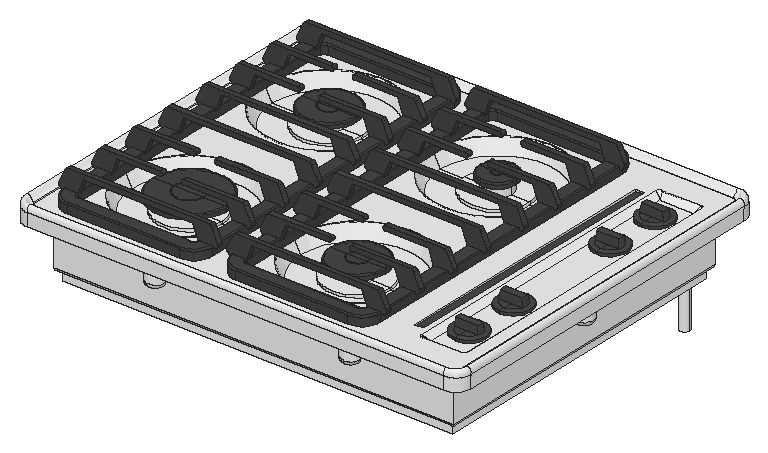
Revit family "QF_Summit_ZTL033S_Cooktop", category Specialty Equipment, Revit 2020
Family settings
  Round Connector Dimension = Use Diameter
  Part Type = Normal
  Work Plane-Based = No
  Always vertical = Yes
  Cut with Voids When Loaded = No
  Shared = No
  Room Calculation Point = No
Parameters
  Weight in Pounds = 27
  Watts = 0 W
  Volts = 115 V
  URL Cutsheet = ""
  Specification by User = ""
  Specification by Manufacturer = ""
  Serial Number = ""
  Seismic Rating = ""
  SMACNA No = ""
  Revision Code = ""
  Plumbing Remarks = ""
  Plumbing Connection Type = ""
  Phase = 1
  Number of Poles = 1
  NAFEM Spec ID Number = ""
  Model = "ZTL033S"
  Min Ckt Ampacity = 0 A
  Max Overcurrent Protection = 0 A
  Masterspec = ""
  Manufacturer = "Summit"
  Length = 24"
  Item Number = ""
  Installed By = ""
  Identify Quantity as Lot = yes
  Height = 4"
  HP = ""
  Gas Size = 0"
  Gas RI Height = 0"
  Gas KW = 0
  Gas Input = 12000.0 Btu/h
  Gas Connection Height = 0"
  Furnished By = ""
  Foodservice Equipment Identifier = yes
  FL Amps = 0 A
  Electrical Remarks = ""
  Elec Conn RI Height = 0"
  Elec Conn Connection Height = 0"
  Description = "Cooktop"
  Depth = 20"
  Default Elevation = 0"
  Cycle = 60 Hz
  Conn Plug = "3 Prong Cord"
  Conn Conduit = yes
  CSI MasterFormat = ""
  Apparent Power = 0 VA
Reference planes (in)
  plane 1 "BACK": y = 0
  plane 2: z = 0
  plane 3 "LEFT": x = 0
  plane 4 "RIGHT": x = 24
  plane 5 "FRONT": y = -20
  plane 6 "TOP": z = 4
  plane 7 "Center Y": x = 12
  plane 8 "Center X": y = -10
  plane 9: z = 3
  plane 10: z = 0.5
  plane 11: z = -2.5
Forms (in)
  Sweep 1, solid, material "QF_Metal_Chrome_Satin"
    path origin (0, 0, 3.99988) x (-1, 0, 0) y (0, -1, 0)
      loop
        line (-0.0625, 0.8125) -> (-0.0625, 19.1875)
        arc (-0.0625, 19.1875) -> (-0.28217, 19.71783) -> (-0.8125, 19.9375) r 0.75
        line (-0.8125, 19.9375) -> (-23.1875, 19.9375)
        arc (-23.1875, 19.9375) -> (-23.71783, 19.71783) -> (-23.9375, 19.1875) r 0.75
        line (-23.9375, 19.1875) -> (-23.9375, 0.8125)
        arc (-23.9375, 0.8125) -> (-23.71783, 0.28217) -> (-23.1875, 0.0625) r 0.75
        line (-23.1875, 0.0625) -> (-0.8125, 0.0625)
        arc (-0.8125, 0.0625) -> (-0.28217, 0.28217) -> (-0.0625, 0.8125) r 0.75
    profile origin (0.0625, -10, 3.99988) x (1, 0, 0) y (0, 0, 1)
      loop
        line (0.50007, -0.99988) -> (0.50007, -0.24988)
        spline (0.50007, -0.24988) -> (0.38683, -0.22526) -> (0.30986, -0.16677) -> (0.25459, -0.09746) -> (0.20654, -0.0403) -> (0.15715, -0.00897) -> (0.1083, -0.00102) -> (0.06291, -0.01235) -> (0.02367, -0.03905) -> (-0.00886, -0.07917) -> (-0.03532, -0.13183) -> (-0.05489, -0.20201) -> (-0.06266, -0.31115)
        line (-0.06266, -0.31115) -> (-0.06266, -0.99988) -> (0.50007, -0.99988)
  Extrusion 2, solid, material "QF_Metal_Chrome_Satin"
    sketch origin (23.1875, -0.5625, 3.49988) x (0, 1, 0) y (1, 0, 0)
      loop
        circle (-4.74127, -17.90956) r 3.49904
      loop
        line (-18.875, 0) -> (-18.875, -22.375)
        arc (-18.875, -22.375) -> (-18.80178, -22.55178) -> (-18.625, -22.625) r 0.25
        line (-18.625, -22.625) -> (-0.25, -22.625)
        arc (-0.25, -22.625) -> (-0.07322, -22.55178) -> (0, -22.375) r 0.25
        line (0, -22.375) -> (0, 0)
        arc (0, 0) -> (-0.07322, 0.17678) -> (-0.25, 0.25) r 0.25
        line (-0.25, 0.25) -> (-18.625, 0.25)
        arc (-18.625, 0.25) -> (-18.80178, 0.17678) -> (-18.875, 0) r 0.25
      loop
        circle (-4.74127, -8.85096) r 3.49904
      loop
        circle (-14.13373, -17.90956) r 3.49904
      loop
        circle (-14.13373, -8.85096) r 3.49904
    from 0.49988 to -0.25012
  Blend 3, void
    base sketch origin (23.18874, -0.56796, 3.79988) x (0, 1, 0) y (-1, 0, 0)
      loop
        arc (-1.25, 2.75) -> (-1.32322, 2.92678) -> (-1.5, 3) r 0.25
        line (-1.5, 3) -> (-17.375, 3)
        arc (-17.375, 3) -> (-17.55178, 2.92678) -> (-17.625, 2.75) r 0.25
        line (-17.625, 2.75) -> (-17.625, 0.5)
        arc (-17.625, 0.5) -> (-17.55178, 0.32322) -> (-17.375, 0.25) r 0.25
        line (-17.375, 0.25) -> (-1.5, 0.25)
        arc (-1.5, 0.25) -> (-1.32322, 0.32322) -> (-1.25, 0.5) r 0.25
        line (-1.25, 0.5) -> (-1.25, 2.75)
    top sketch origin (23.18874, -0.56796, 3.79988) x (0, 1, 0) y (-1, 0, 0)
      loop
        line (-1.71875, 2.53125) -> (-17.15625, 2.53125) -> (-17.15625, 0.71875) -> (-1.71875, 0.71875) -> (-1.71875, 2.53125)
    from 0.0625 to -0.31152
  Extrusion 4, void
    sketch origin (23.18874, -0.56796, 3.79988) x (0, 1, 0) y (-1, 0, 0)
      loop
        arc (-2, 3.5625) -> (-2.01831, 3.60669) -> (-2.0625, 3.625) r 0.0625
        line (-2.0625, 3.625) -> (-16.8125, 3.625)
        arc (-16.8125, 3.625) -> (-16.85669, 3.60669) -> (-16.875, 3.5625) r 0.0625
        line (-16.875, 3.5625) -> (-16.875, 3.1875)
        arc (-16.875, 3.1875) -> (-16.85669, 3.14331) -> (-16.8125, 3.125) r 0.0625
        line (-16.8125, 3.125) -> (-2.0625, 3.125)
        arc (-2.0625, 3.125) -> (-2.01831, 3.14331) -> (-2, 3.1875) r 0.0625
        line (-2, 3.1875) -> (-2, 3.5625)
    from 0.0625 to -0.125
  Revolve 5, solid, material "QF_Plastic_Black_Smooth"
    sketch origin (21.56528, -3, 0.48835) x (0, 1, 0) y (0, 0, 1)
      loop
        line (-0.75736, 3) -> (-0.50736, 3) -> (-0.50736, 3.07947) -> (0.15671, 3.07947) -> (0.15671, 3.2014)
        arc (0.15671, 3.2014) -> (0.03405, 3.23774) -> (-0.09329, 3.25) r 0.66737
        line (-0.09329, 3.25) -> (-0.75736, 3.25) -> (-0.75736, 3)
      axis (-0.75736, 3.25) -> (-0.75736, 3)
    angle from 0 to 360
  Blend 6, solid, material "QF_Plastic_Black_Smooth"
    base sketch origin (0, -3, 4.23835) x (-1, 0, 0) y (0, -1, 0)
      loop
        arc (-20.9318, 0.55812) -> (-20.90121, 0.75736) -> (-20.9318, 0.95659) r 0.66406
        line (-20.9318, 0.95659) -> (-22.19875, 0.95659)
        arc (-22.19875, 0.95659) -> (-22.22934, 0.75736) -> (-22.19875, 0.55812) r 0.66406
        line (-22.19875, 0.55812) -> (-20.9318, 0.55812)
    top sketch origin (0, -3, 4.23835) x (-1, 0, 0) y (0, -1, 0)
      loop
        arc (-20.98589, 0.57514) -> (-20.95791, 0.75736) -> (-20.98589, 0.93958) r 0.60736
        line (-20.98589, 0.93958) -> (-22.14466, 0.93958)
        arc (-22.14466, 0.93958) -> (-22.17264, 0.75736) -> (-22.14466, 0.57514) r 0.60736
        line (-22.14466, 0.57514) -> (-20.98589, 0.57514)
    from -0.5 to -0.05271
  Revolve 7, solid, material "QF_Plastic_Black_Smooth", not visible
    sketch origin (21.56528, -3, 0) x (0, 1, 0) y (0, 0, 1)
      loop
        line (-0.75736, 3) -> (-0.50736, 3) -> (-0.50736, 3.07947) -> (0.15671, 3.07947) -> (0.15671, 3.2014)
        arc (0.15671, 3.2014) -> (0.03405, 3.23774) -> (-0.09329, 3.25) r 0.66737
        line (-0.09329, 3.25) -> (-0.75736, 3.25) -> (-0.75736, 3)
      axis (-0.75736, 3.25) -> (-0.75736, 3)
    angle from 0 to 360
  Blend 8, solid, material "QF_Plastic_Black_Smooth", not visible
    base sketch origin (0, -3, 3.75) x (-1, 0, 0) y (0, -1, 0)
      loop
        arc (-20.9318, 0.55812) -> (-20.90121, 0.75736) -> (-20.9318, 0.95659) r 0.66406
        line (-20.9318, 0.95659) -> (-22.19875, 0.95659)
        arc (-22.19875, 0.95659) -> (-22.22934, 0.75736) -> (-22.19875, 0.55812) r 0.66406
        line (-22.19875, 0.55812) -> (-20.9318, 0.55812)
    top sketch origin (0, -3, 3.75) x (-1, 0, 0) y (0, -1, 0)
      loop
        arc (-20.98589, 0.57514) -> (-20.95791, 0.75736) -> (-20.98589, 0.93958) r 0.60736
        line (-20.98589, 0.93958) -> (-22.14466, 0.93958)
        arc (-22.14466, 0.93958) -> (-22.17264, 0.75736) -> (-22.14466, 0.57514) r 0.60736
        line (-22.14466, 0.57514) -> (-20.98589, 0.57514)
    from -0.5 to -0.05271
  Revolve 9, solid, material "QF_Plastic_Black_Smooth"
    sketch origin (21.56309, -3.00158, 0.48835) x (0, 1, 0) y (0, 0, 1)
      loop
        line (-3.75736, 3) -> (-3.50736, 3) -> (-3.50736, 3.07947) -> (-2.84329, 3.07947) -> (-2.84329, 3.2014)
        arc (-2.84329, 3.2014) -> (-2.96595, 3.23774) -> (-3.09329, 3.25) r 0.66737
        line (-3.09329, 3.25) -> (-3.75736, 3.25) -> (-3.75736, 3)
      axis (-3.75736, 3.25) -> (-3.75736, 3)
    angle from 0 to 360
  Blend 10, solid, material "QF_Plastic_Black_Smooth"
    base sketch origin (-0.00218, -3.00158, 4.23835) x (-1, 0, 0) y (0, -1, 0)
      loop
        arc (-20.9318, 3.55812) -> (-20.90121, 3.75736) -> (-20.9318, 3.95659) r 0.66406
        line (-20.9318, 3.95659) -> (-22.19875, 3.95659)
        arc (-22.19875, 3.95659) -> (-22.22934, 3.75736) -> (-22.19875, 3.55812) r 0.66406
        line (-22.19875, 3.55812) -> (-20.9318, 3.55812)
    top sketch origin (-0.00218, -3.00158, 4.23835) x (-1, 0, 0) y (0, -1, 0)
      loop
        arc (-20.98589, 3.57514) -> (-20.95791, 3.75736) -> (-20.98589, 3.93958) r 0.60736
        line (-20.98589, 3.93958) -> (-22.14466, 3.93958)
        arc (-22.14466, 3.93958) -> (-22.17264, 3.75736) -> (-22.14466, 3.57514) r 0.60736
        line (-22.14466, 3.57514) -> (-20.98589, 3.57514)
    from -0.5 to -0.05271
  Revolve 11, solid, material "QF_Plastic_Black_Smooth"
    sketch origin (21.56309, -6.00158, 0.48835) x (0, 1, 0) y (0, 0, 1)
      loop
        line (-10.24264, 3) -> (-10.24264, 3.25) -> (-10.90671, 3.25)
        arc (-10.90671, 3.25) -> (-11.03405, 3.23774) -> (-11.15671, 3.2014) r 0.66737
        line (-11.15671, 3.2014) -> (-11.15671, 3.07947) -> (-10.49264, 3.07947) -> (-10.49264, 3) -> (-10.24264, 3)
      axis (-10.24264, 3.25) -> (-10.24264, 3)
    angle from 0 to 360
  Blend 12, solid, material "QF_Plastic_Black_Smooth"
    base sketch origin (-0.00218, -6.00158, 4.23835) x (-1, 0, 0) y (0, -1, 0)
      loop
        line (-20.9318, 10.44188) -> (-22.19875, 10.44188)
        arc (-22.19875, 10.44188) -> (-22.22934, 10.24264) -> (-22.19875, 10.04341) r 0.66406
        line (-22.19875, 10.04341) -> (-20.9318, 10.04341)
        arc (-20.9318, 10.04341) -> (-20.90121, 10.24264) -> (-20.9318, 10.44188) r 0.66406
    top sketch origin (-0.00218, -6.00158, 4.23835) x (-1, 0, 0) y (0, -1, 0)
      loop
        line (-20.98589, 10.42486) -> (-22.14466, 10.42486)
        arc (-22.14466, 10.42486) -> (-22.17264, 10.24264) -> (-22.14466, 10.06042) r 0.60736
        line (-22.14466, 10.06042) -> (-20.98589, 10.06042)
        arc (-20.98589, 10.06042) -> (-20.95791, 10.24264) -> (-20.98589, 10.42486) r 0.60736
    from -0.5 to -0.05271
  Revolve 13, solid, material "QF_Plastic_Black_Smooth"
    sketch origin (21.56309, -3.00158, 0.48835) x (0, 1, 0) y (0, 0, 1)
      loop
        line (-10.24264, 3) -> (-10.24264, 3.25) -> (-10.90671, 3.25)
        arc (-10.90671, 3.25) -> (-11.03405, 3.23774) -> (-11.15671, 3.2014) r 0.66737
        line (-11.15671, 3.2014) -> (-11.15671, 3.07947) -> (-10.49264, 3.07947) -> (-10.49264, 3) -> (-10.24264, 3)
      axis (-10.24264, 3.25) -> (-10.24264, 3)
    angle from 0 to 360
  Blend 14, solid, material "QF_Plastic_Black_Smooth"
    base sketch origin (-0.00218, -3.00158, 4.23835) x (-1, 0, 0) y (0, -1, 0)
      loop
        line (-20.9318, 10.44188) -> (-22.19875, 10.44188)
        arc (-22.19875, 10.44188) -> (-22.22934, 10.24264) -> (-22.19875, 10.04341) r 0.66406
        line (-22.19875, 10.04341) -> (-20.9318, 10.04341)
        arc (-20.9318, 10.04341) -> (-20.90121, 10.24264) -> (-20.9318, 10.44188) r 0.66406
    top sketch origin (-0.00218, -3.00158, 4.23835) x (-1, 0, 0) y (0, -1, 0)
      loop
        line (-20.98589, 10.42486) -> (-22.14466, 10.42486)
        arc (-22.14466, 10.42486) -> (-22.17264, 10.24264) -> (-22.14466, 10.06042) r 0.60736
        line (-22.14466, 10.06042) -> (-20.98589, 10.06042)
        arc (-20.98589, 10.06042) -> (-20.95791, 10.24264) -> (-20.98589, 10.42486) r 0.60736
    from -0.5 to -0.05271
  Revolve 15, solid, material "QF_Plastic_Black_Smooth", not visible
    sketch origin (21.56528, -20.00316, 0) x (0, 1, 0) y (0, 0, 1)
      loop
        line (16.2458, 3) -> (16.4958, 3) -> (16.4958, 3.07947) -> (17.15986, 3.07947) -> (17.15986, 3.2014)
        arc (17.15986, 3.2014) -> (17.0372, 3.23774) -> (16.90986, 3.25) r 0.66737
        line (16.90986, 3.25) -> (16.2458, 3.25) -> (16.2458, 3)
      axis (16.2458, 3.25) -> (16.2458, 3)
    angle from 0 to 360
  Blend 16, solid, material "QF_Plastic_Black_Smooth", not visible
    base sketch origin (0, -20.00316, 3.75) x (-1, 0, 0) y (0, -1, 0)
      loop
        arc (-20.9318, -16.44503) -> (-20.90121, -16.2458) -> (-20.9318, -16.04657) r 0.66406
        line (-20.9318, -16.04657) -> (-22.19875, -16.04657)
        arc (-22.19875, -16.04657) -> (-22.22934, -16.2458) -> (-22.19875, -16.44503) r 0.66406
        line (-22.19875, -16.44503) -> (-20.9318, -16.44503)
    top sketch origin (0, -20.00316, 3.75) x (-1, 0, 0) y (0, -1, 0)
      loop
        arc (-20.98589, -16.42802) -> (-20.95791, -16.2458) -> (-20.98589, -16.06358) r 0.60736
        line (-20.98589, -16.06358) -> (-22.14466, -16.06358)
        arc (-22.14466, -16.06358) -> (-22.17264, -16.2458) -> (-22.14466, -16.42802) r 0.60736
        line (-22.14466, -16.42802) -> (-20.98589, -16.42802)
    from -0.5 to -0.05271
  Extrusion 17, solid, material "QF_Metal_Chrome_Satin"
    sketch origin (9.68847, 8.08075, 0) x (-1, 0, 0) y (0, 1, 0)
      loop
        circle (-12, -10) r 0.25
    from -0.5 to 2.5
  Sweep 18, solid, material "QF_Metal_Chrome_Satin"
    path origin (0, 0, 0) x (1, 0, 0) y (0, 1, 0)
      loop
        line (22.75, -1.25) -> (1.25, -1.25) -> (1.25, -18.75) -> (22.75, -18.75) -> (22.75, -1.25)
    profile origin (22.75, -10, 0) x (1, 0, 0) y (0, 0, 1)
      loop
        line (-0.25, 0) -> (-0.25, 0.5) -> (-0.13174, 0.5)
        arc (-0.13174, 0.5) -> (-0.03859, 0.53859) -> (0, 0.63174) r 0.13174
        line (0, 0.63174) -> (0, 3) -> (-0.125, 3) -> (-0.125, 0.625) -> (-0.375, 0.625) -> (-0.375, 0) -> (-0.25, 0)
  Extrusion 19, solid, material "QF_Metal_Chrome_Satin"
    sketch origin (22.375, -1.625, 0.625) x (0, -1, 0) y (1, 0, 0)
      loop
        line (0, -20.75) -> (16.75, -20.75) -> (16.75, 0) -> (0, 0) -> (0, -20.75)
    from 0 to -0.125
  Extrusion 20, solid, material "QF_Metal_Chrome_Satin"
    sketch origin (22.375, -1.625, 0.5) x (1, 0, 0) y (0, -1, 0)
      loop
        circle (-1.43653, 0.29425) r 0.25
    from 0 to 0.0625
  Revolve 21, solid, material "QF_Metal_Black"
    sketch origin (0, -5.30377, 0) x (1, 0, 0) y (0, 0, 1)
      loop
        line (5.27794, 3.69939) -> (5.27794, 3.94939) -> (4.77794, 3.94939) -> (4.77794, 3.88689) -> (4.71544, 3.88689) -> (4.71544, 3.94939) -> (3.84044, 3.94939)
        arc (3.84044, 3.94939) -> (3.79624, 3.93109) -> (3.77794, 3.88689) r 0.0625
        line (3.77794, 3.88689) -> (3.77794, 3.69939) -> (5.27794, 3.69939)
      axis (5.27794, 3.69939) -> (5.27794, 3.94939)
    angle from 0 to 360
  Revolve 22, solid, material "QF_Metal_Black"
    sketch origin (9.0586, -14.69623, 0) x (1, 0, 0) y (0, 0, 1)
      loop
        line (5.27794, 3.69939) -> (5.27794, 3.94939) -> (4.77794, 3.94939) -> (4.77794, 3.88689) -> (4.71544, 3.88689) -> (4.71544, 3.94939) -> (3.84044, 3.94939)
        arc (3.84044, 3.94939) -> (3.79624, 3.93109) -> (3.77794, 3.88689) r 0.0625
        line (3.77794, 3.88689) -> (3.77794, 3.69939) -> (5.27794, 3.69939)
      axis (5.27794, 3.69939) -> (5.27794, 3.94939)
    angle from 0 to 360
  Revolve 23, solid, material "QF_Metal_Black"
    sketch origin (0, -5.30377, 0) x (1, 0, 0) y (0, 0, 1)
      loop
        line (14.33654, 3.94939) -> (14.08654, 3.94939) -> (14.08654, 3.88689) -> (14.02404, 3.88689) -> (14.02404, 3.94939) -> (13.39904, 3.94939)
        arc (13.39904, 3.94939) -> (13.35484, 3.93109) -> (13.33654, 3.88689) r 0.0625
        line (13.33654, 3.88689) -> (13.33654, 3.69939) -> (14.33654, 3.69939) -> (14.33654, 3.94939)
      axis (14.33654, 3.69939) -> (14.33654, 3.94939)
    angle from 0 to 360
  Revolve 24, solid, material "QF_Metal_Black"
    sketch origin (0, -14.69623, 0) x (1, 0, 0) y (0, 0, 1)
      loop
        line (5.27794, 3.69939) -> (5.27794, 3.94939) -> (4.52794, 3.94939) -> (4.52794, 3.88689) -> (4.46544, 3.88689) -> (4.46544, 3.94939) -> (3.34044, 3.94939)
        arc (3.34044, 3.94939) -> (3.29624, 3.93109) -> (3.27794, 3.88689) r 0.0625
        line (3.27794, 3.88689) -> (3.27794, 3.69939) -> (5.27794, 3.69939)
      axis (5.27794, 3.69939) -> (5.27794, 3.94939)
    angle from 0 to 360
  Revolve 25, solid, material "QF_Metal_Chrome_Satin"
    sketch origin (0, -10, 0) x (1, 0, 0) y (0, 0, 1)
      loop
        line (1.25, 3) -> (0.75, 3) -> (0.75, 2)
        arc (0.75, 2) -> (0.8255, 1.83445) -> (1, 1.7829) r 0.21926
        line (1, 1.7829) -> (1.25, 1.7829) -> (1.25, 3)
      axis (1.25, 1.7829) -> (1.25, 3)
    angle from -90 to 90
  Revolve 26, solid, material "QF_Metal_Chrome_Satin"
    sketch origin (24, -10, 0) x (-1, 0, 0) y (0, 0, -1)
      loop
        line (1.25, -3) -> (1.25, -1.7829) -> (1, -1.7829)
        arc (1, -1.7829) -> (0.8255, -1.83445) -> (0.75, -2) r 0.21926
        line (0.75, -2) -> (0.75, -3) -> (1.25, -3)
      axis (1.25, -1.7829) -> (1.25, -3)
    angle from -90 to 90
  Revolve 27, solid, material "QF_Metal_Chrome_Satin"
    sketch origin (18.44698, -1.25, 0) x (-1, 0, 0) y (0, 0, -1)
      loop
        line (1.25, -3) -> (1.25, -1.7829) -> (1, -1.7829)
        arc (1, -1.7829) -> (0.8255, -1.83445) -> (0.75, -2) r 0.21926
        line (0.75, -2) -> (0.75, -3) -> (1.25, -3)
      axis (1.25, -1.7829) -> (1.25, -3)
    angle from 0 to 180
  Revolve 28, solid, material "QF_Metal_Chrome_Satin"
    sketch origin (7.94698, -1.25, 0) x (-1, 0, 0) y (0, 0, -1)
      loop
        line (1.25, -3) -> (1.25, -1.7829) -> (1, -1.7829)
        arc (1, -1.7829) -> (0.8255, -1.83445) -> (0.75, -2) r 0.21926
        line (0.75, -2) -> (0.75, -3) -> (1.25, -3)
      axis (1.25, -1.7829) -> (1.25, -3)
    angle from 0 to 180
  Revolve 29, solid, material "QF_Metal_Chrome_Satin"
    sketch origin (18.44698, -18.75, 0) x (-1, 0, 0) y (0, 0, 1)
      loop
        line (1.25, 3) -> (0.75, 3) -> (0.75, 2)
        arc (0.75, 2) -> (0.8255, 1.83445) -> (1, 1.7829) r 0.21926
        line (1, 1.7829) -> (1.25, 1.7829) -> (1.25, 3)
      axis (1.25, 1.7829) -> (1.25, 3)
    angle from 0 to 180
  Revolve 30, solid, material "QF_Metal_Chrome_Satin"
    sketch origin (7.94698, -18.75, 0) x (-1, 0, 0) y (0, 0, 1)
      loop
        line (1.25, 3) -> (0.75, 3) -> (0.75, 2)
        arc (0.75, 2) -> (0.8255, 1.83445) -> (1, 1.7829) r 0.21926
        line (1, 1.7829) -> (1.25, 1.7829) -> (1.25, 3)
      axis (1.25, 1.7829) -> (1.25, 3)
    angle from 0 to 180
Cuts and joins
  Blend 3, Extrusion 4 cuts Extrusion 2
Lines and regions (in)
  symbolic lines
    curve 1: arc (21.56528, -2.84329, 4.23835) -> (20.65121, -3.75736, 4.23835) -> (21.56528, -4.67142, 4.23835) r 0.91406
    curve 2: arc (21.56528, -4.67142, 4.23835) -> (22.47934, -3.75736, 4.23835) -> (21.56528, -2.84329, 4.23835) r 0.91406
    curve 3: line (20.9318, -3.55812, 4.23835) -> (22.19875, -3.55812, 4.23835)
    curve 4: line (22.19875, -3.95659, 4.23835) -> (20.9318, -3.95659, 4.23835)
    curve 5: arc (20.9318, -3.55812, 4.23835) -> (20.90121, -3.75736, 4.23835) -> (20.9318, -3.95659, 4.23835) r 0.66406
    curve 6: arc (22.19875, -3.95659, 4.23835) -> (22.22934, -3.75736, 4.23835) -> (22.19875, -3.55812, 4.23835) r 0.66406
    curve 13: arc (21.56309, -5.84487, 4.23835) -> (20.64903, -6.75893, 4.23835) -> (21.56309, -7.673, 4.23835) r 0.91406
    curve 14: arc (21.56309, -7.673, 4.23835) -> (22.47716, -6.75893, 4.23835) -> (21.56309, -5.84487, 4.23835) r 0.91406
    curve 15: line (20.92962, -6.5597, 4.23835) -> (22.19657, -6.5597, 4.23835)
    curve 16: line (22.19657, -6.95817, 4.23835) -> (20.92962, -6.95817, 4.23835)
    curve 17: arc (20.92962, -6.5597, 4.23835) -> (20.89903, -6.75893, 4.23835) -> (20.92962, -6.95817, 4.23835) r 0.66406
    curve 18: arc (22.19657, -6.95817, 4.23835) -> (22.22716, -6.75893, 4.23835) -> (22.19657, -6.5597, 4.23835) r 0.66406
    curve 19: arc (21.56309, -17.15828, 4.23835) -> (20.64903, -16.24422, 4.23835) -> (21.56309, -15.33016, 4.23835) r 0.91406
    curve 20: arc (21.56309, -15.33016, 4.23835) -> (22.47716, -16.24422, 4.23835) -> (21.56309, -17.15828, 4.23835) r 0.91406
    curve 21: line (20.92962, -16.44345, 4.23835) -> (22.19657, -16.44345, 4.23835)
    curve 22: line (22.19657, -16.04499, 4.23835) -> (20.92962, -16.04499, 4.23835)
    curve 23: arc (20.92962, -16.44345, 4.23835) -> (20.89903, -16.24422, 4.23835) -> (20.92962, -16.04499, 4.23835) r 0.66406
    curve 24: arc (22.19657, -16.04499, 4.23835) -> (22.22716, -16.24422, 4.23835) -> (22.19657, -16.44345, 4.23835) r 0.66406
    curve 25: arc (21.56309, -14.15828, 4.23835) -> (20.64903, -13.24422, 4.23835) -> (21.56309, -12.33016, 4.23835) r 0.91406
    curve 26: arc (21.56309, -12.33016, 4.23835) -> (22.47716, -13.24422, 4.23835) -> (21.56309, -14.15828, 4.23835) r 0.91406
    curve 27: line (20.92962, -13.44345, 4.23835) -> (22.19657, -13.44345, 4.23835)
    curve 28: line (22.19657, -13.04499, 4.23835) -> (20.92962, -13.04499, 4.23835)
    curve 29: arc (20.92962, -13.44345, 4.23835) -> (20.89903, -13.24422, 4.23835) -> (20.92962, -13.04499, 4.23835) r 0.66406
    curve 30: arc (22.19657, -13.04499, 4.23835) -> (22.22716, -13.24422, 4.23835) -> (22.19657, -13.44345, 4.23835) r 0.66406
    curve 37: line (0.5625, -0.8125, 0) -> (0.5625, -19.1875, 0)
    curve 38: line (23.1875, -0.5625, 0) -> (0.8125, -0.5625, 0)
    curve 39: arc (0.5625, -0.8125, 0) -> (0.63572, -0.63572, 0) -> (0.8125, -0.5625, 0) r 0.25
    curve 40: arc (23.1875, -0.5625, 0) -> (23.36428, -0.63572, 0) -> (23.4375, -0.8125, 0) r 0.25
    curve 41: line (23.4375, -19.1875, 0) -> (23.4375, -0.8125, 0)
    curve 42: line (22.46999, -2.28671, 0) -> (20.65749, -2.28671, 0)
    curve 43: line (20.65749, -2.28671, 0) -> (20.65749, -17.72421, 0)
    curve 44: line (20.65749, -17.72421, 0) -> (22.46999, -17.72421, 0)
    curve 45: line (22.46999, -17.72421, 0) -> (22.46999, -2.28671, 0)
    curve 46: line (20.50446, -1.9588, 0) -> (22.62302, -1.9588, 0)
    curve 47: arc (22.62302, -1.9588, 0) -> (22.74668, -2.01002, 0) -> (22.7979, -2.13368, 0) r 0.17489
    curve 48: line (22.7979, -2.13368, 0) -> (22.7979, -17.87723, 0)
    curve 49: arc (22.7979, -17.87723, 0) -> (22.74668, -18.0009, 0) -> (22.62302, -18.05212, 0) r 0.17489
    curve 50: line (22.62302, -18.05212, 0) -> (20.50446, -18.05212, 0)
    curve 51: arc (20.50446, -18.05212, 0) -> (20.3808, -18.0009, 0) -> (20.32958, -17.87723, 0) r 0.17489
    curve 52: line (20.32958, -17.87723, 0) -> (20.32958, -2.13368, 0)
    curve 53: arc (20.32958, -2.13368, 0) -> (20.3808, -2.01002, 0) -> (20.50446, -1.9588, 0) r 0.17489
    curve 54: line (19.56374, -17.38046, 0) -> (19.56374, -2.63046, 0)
    curve 55: arc (19.56374, -2.63046, 0) -> (19.58205, -2.58626, 0) -> (19.62624, -2.56796, 0) r 0.0625
    curve 56: line (19.62624, -2.56796, 0) -> (20.00124, -2.56796, 0)
    curve 57: arc (20.00124, -2.56796, 0) -> (20.04543, -2.58626, 0) -> (20.06374, -2.63046, 0) r 0.0625
    curve 58: line (20.06374, -2.63046, 0) -> (20.06374, -17.38046, 0)
    curve 59: arc (20.06374, -17.38046, 0) -> (20.04543, -17.42465, 0) -> (20.00124, -17.44296, 0) r 0.0625
    curve 60: line (20.00124, -17.44296, 0) -> (19.62624, -17.44296, 0)
    curve 61: arc (19.62624, -17.44296, 0) -> (19.58205, -17.42465, 0) -> (19.56374, -17.38046, 0) r 0.0625
    curve 62: line (0.8125, -19.4375, 0) -> (23.1875, -19.4375, 0)
    curve 63: arc (23.4375, -19.1875, 0) -> (23.36428, -19.36428, 0) -> (23.1875, -19.4375, 0) r 0.25
    curve 64: arc (0.8125, -19.4375, 0) -> (0.63572, -19.36428, 0) -> (0.5625, -19.1875, 0) r 0.25
    curve 65: line (-0.00016, -19.1875, 0) -> (-0.00016, -0.8125, 0)
    curve 66: arc (-0.00016, -0.8125, 0) -> (0.23786, -0.23786, 0) -> (0.8125, 0.00016, 0) r 0.81266
    curve 67: line (0.8125, 0.00016, 0) -> (23.1875, 0.00016, 0)
    curve 68: arc (23.1875, 0.00016, 0) -> (23.76214, -0.23786, 0) -> (24.00016, -0.8125, 0) r 0.81266
    curve 69: line (24.00016, -0.8125, 0) -> (24.00016, -19.1875, 0)
    curve 70: arc (24.00016, -19.1875, 0) -> (23.76214, -19.76214, 0) -> (23.1875, -20.00016, 0) r 0.81266
    curve 71: line (23.1875, -20.00016, 0) -> (0.8125, -20.00016, 0)
    curve 72: arc (0.8125, -20.00016, 0) -> (0.23786, -19.76214, 0) -> (-0.00016, -19.1875, 0) r 0.81266
    curve 73: arc (6.77794, -5.30377, 0) -> (6.66138, -5.8835, 0) -> (6.32982, -6.37314, 0) r 1.5
    curve 74: arc (3.77794, -5.30377, 0) -> (3.86331, -4.80495, 0) -> (4.1097, -4.3629, 0) r 1.5
    curve 75: arc (4.77794, -5.30377, 0) -> (5.27794, -4.80377, 0) -> (5.77794, -5.30377, 0) r 0.5
    curve 76: arc (5.77794, -5.30377, 0) -> (5.27794, -5.80377, 0) -> (4.77794, -5.30377, 0) r 0.5
    curve 77: arc (12.5875, -5.30377, 0) -> (12.65602, -4.81901, 0) -> (12.8562, -4.37224, 0) r 1.74904
    curve 78: arc (16.08557, -5.30377, 0) -> (15.99446, -5.86093, 0) -> (15.7306, -6.36005, 0) r 1.74904
    curve 79: arc (15.33654, -5.30377, 0) -> (14.33654, -6.30377, 0) -> (13.33654, -5.30377, 0) r 1
    curve 80: arc (13.33654, -5.30377, 0) -> (14.33654, -4.30377, 0) -> (15.33654, -5.30377, 0) r 1
    curve 81: arc (14.08654, -5.30377, 0) -> (14.33654, -5.05377, 0) -> (14.58654, -5.30377, 0) r 0.25
    curve 82: arc (14.58654, -5.30377, 0) -> (14.33654, -5.55377, 0) -> (14.08654, -5.30377, 0) r 0.25
    curve 83: arc (3.27794, -14.69623, 0) -> (3.35793, -14.13624, 0) -> (3.59152, -13.62105, 0) r 2
    curve 84: arc (7.27794, -14.69623, 0) -> (7.2165, -15.18811, 0) -> (7.03599, -15.64978, 0) r 2
    curve 85: arc (6.02794, -14.69623, 0) -> (5.27794, -15.44623, 0) -> (4.52794, -14.69623, 0) r 0.75
    curve 86: arc (4.52794, -14.69623, 0) -> (5.27794, -13.94623, 0) -> (6.02794, -14.69623, 0) r 0.75
    curve 87: arc (15.83654, -14.69623, 0) -> (15.75536, -15.183, 0) -> (15.5206, -15.61709, 0) r 1.5
    curve 88: arc (12.83654, -14.69623, 0) -> (12.95142, -14.12051, 0) -> (13.27847, -13.63298, 0) r 1.5
    curve 89: arc (13.83654, -14.69623, 0) -> (14.33654, -14.19623, 0) -> (14.83654, -14.69623, 0) r 0.5
    curve 90: arc (14.83654, -14.69623, 0) -> (14.33654, -15.19623, 0) -> (13.83654, -14.69623, 0) r 0.5
    curve 91: arc (6.44829, -4.36554, 0) -> (6.69313, -4.80654, 0) -> (6.77794, -5.30377, 0) r 1.5
    curve 92: arc (6.00005, -6.61851, 0) -> (5.30676, -6.80349, 0) -> (4.60688, -6.64529, 0) r 1.5
    curve 93: arc (4.34823, -4.12663, 0) -> (5.27744, -3.80377, 0) -> (6.20686, -4.12602, 0) r 1.5
    curve 94: arc (4.24744, -6.39376, 0) -> (3.9003, -5.89717, 0) -> (3.77794, -5.30377, 0) r 1.5
    curve 95: arc (13.05236, -4.11632, 0) -> (14.34458, -3.55475, 0) -> (15.63158, -4.12819, 0) r 1.74904
    curve 96: arc (15.82032, -4.37775, 0) -> (16.01795, -4.82214, 0) -> (16.08557, -5.30377, 0) r 1.74904
    curve 97: arc (15.48489, -6.62302, 0) -> (14.35976, -7.05265, 0) -> (13.22361, -6.65304, 0) r 1.74904
    curve 98: arc (12.96297, -6.38656, 0) -> (12.68403, -5.87679, 0) -> (12.5875, -5.30377, 0) r 1.74904
    curve 99: arc (15.38444, -13.62296, 0) -> (15.7189, -14.11393, 0) -> (15.83654, -14.69623, 0) r 1.5
    curve 100: arc (15.26831, -15.87172, 0) -> (14.34457, -16.1962, 0) -> (13.41741, -15.88164, 0) r 1.5
    curve 101: arc (13.17061, -15.63995, 0) -> (12.92252, -15.19678, 0) -> (12.83654, -14.69623, 0) r 1.5
    curve 102: arc (6.98346, -13.65162, 0) -> (7.20291, -14.15357, 0) -> (7.27794, -14.69623, 0) r 2
    curve 103: arc (6.89066, -15.87906, 0) -> (5.26987, -16.69621, 0) -> (3.65572, -15.86601, 0) r 2
    curve 104: arc (3.49635, -15.60505, 0) -> (3.33331, -15.16358, 0) -> (3.27794, -14.69623, 0) r 2
    curve 105: arc (3.80563, -13.3426, 0) -> (5.31089, -12.6965, 0) -> (6.79404, -13.39184, 0) r 2
    curve 106: arc (5.27794, -11.19719, 0) -> (3.34087, -11.78229, 0) -> (2.05163, -13.34191, 0) r 3.49904
    curve 107: arc (5.27794, -18.19526, 0) -> (5.59399, -18.18096, 0) -> (5.90746, -18.13817, 0) r 3.49904
    curve 108: arc (2.17718, -14.69623, 0) -> (2.22514, -14.15294, 0) -> (2.36756, -13.62646, 0) r 3.10076
    curve 109: arc (8.37869, -14.69623, 0) -> (8.34399, -15.15887, 0) -> (8.24064, -15.61115, 0) r 3.10076
    curve 110: arc (11.23578, -14.69623, 0) -> (11.28396, -14.15172, 0) -> (11.42702, -13.62413, 0) r 3.10076
    curve 111: arc (17.43729, -14.69623, 0) -> (17.40204, -15.16245, 0) -> (17.29709, -15.61807, 0) r 3.10076
    curve 112: arc (16.08557, -14.69623, 0) -> (16.01649, -15.18295, 0) -> (15.81469, -15.63122, 0) r 1.74904
    curve 113: arc (12.5875, -14.69623, 0) -> (12.68122, -14.13137, 0) -> (12.95235, -13.62704, 0) r 1.74904
    curve 114: arc (14.33654, -1.80473, 0) -> (14.03211, -1.818, 0) -> (13.73, -1.8577, 0) r 3.49904
    curve 115: arc (17.43729, -5.30377, 0) -> (17.38888, -5.8496, 0) -> (17.24513, -6.37838, 0) r 3.10076
    curve 116: arc (11.23578, -5.30377, 0) -> (11.27196, -4.83145, 0) -> (11.37967, -4.37015, 0) r 3.10076
    curve 117: arc (2.17718, -5.30377, 0) -> (2.21285, -4.83475, 0) -> (2.31907, -4.37652, 0) r 3.10076
    curve 118: arc (5.27794, -1.80473, 0) -> (4.93803, -1.82128, 0) -> (4.60134, -1.87077, 0) r 3.49904
    curve 119: arc (8.37869, -5.30377, 0) -> (8.32757, -5.86451, 0) -> (8.17588, -6.40676, 0) r 3.10076
    curve 120: arc (3.5289, -5.30377, 0) -> (3.59902, -4.8135, 0) -> (3.80375, -4.36254, 0) r 1.74904
    curve 121: arc (7.02697, -5.30377, 0) -> (6.93488, -5.86382, 0) -> (6.66831, -6.3649, 0) r 1.74904
    curve 122: arc (3.82427, -2.12098, 0) -> (2.70604, -2.9313, 0) -> (1.98841, -4.11116, 0) r 3.49904
    curve 123: arc (5.93047, -1.86612, 0) -> (5.60564, -1.82011, 0) -> (5.27794, -1.80473, 0) r 3.49904
    curve 124: arc (8.57049, -4.11957, 0) -> (7.86529, -2.94817, 0) -> (6.76501, -2.13646, 0) r 3.49904
    curve 125: arc (8.24134, -4.39111, 0) -> (8.34416, -4.8423, 0) -> (8.37869, -5.30377, 0) r 3.10076
    curve 126: arc (8.08523, -6.62052, 0) -> (5.27638, -8.40453, 0) -> (2.46932, -6.61769, 0) r 3.10076
    curve 127: arc (3.99761, -4.11217, 0) -> (5.2798, -3.55473, 0) -> (6.5608, -4.11491, 0) r 1.74904
    curve 128: arc (6.75932, -4.37391, 0) -> (6.95873, -4.81996, 0) -> (7.02697, -5.30377, 0) r 1.74904
    curve 129: arc (6.4133, -6.63421, 0) -> (5.29556, -7.05272, 0) -> (4.16961, -6.65682, 0) r 1.74904
    curve 130: arc (3.90112, -6.38243, 0) -> (3.62457, -5.87431, 0) -> (3.5289, -5.30377, 0) r 1.74904
    curve 131: arc (2.41441, -4.11426, 0) -> (5.28437, -2.20302, 0) -> (8.14637, -4.12615, 0) r 3.10076
    curve 132: arc (2.04204, -6.63503, 0) -> (2.90751, -7.87755, 0) -> (4.2169, -8.63806, 0) r 3.49904
    curve 133: arc (2.36155, -6.35706, 0) -> (2.22362, -5.83842, 0) -> (2.17718, -5.30377, 0) r 3.10076
    curve 134: arc (6.38919, -8.62166, 0) -> (7.6707, -7.8568, 0) -> (8.51692, -6.6275, 0) r 3.49904
    curve 135: arc (12.8899, -2.11778, 0) -> (11.75922, -2.93719, 0) -> (11.039, -4.13351, 0) r 3.49904
    curve 136: arc (14.98594, -1.86552, 0) -> (14.66266, -1.81996, 0) -> (14.33654, -1.80473, 0) r 3.49904
    curve 137: arc (17.62501, -4.10828, 0) -> (16.91317, -2.93644, 0) -> (15.80569, -2.12811, 0) r 3.49904
    curve 138: arc (17.29676, -4.38084, 0) -> (17.40196, -4.83698, 0) -> (17.43729, -5.30377, 0) r 3.10076
    curve 139: arc (11.47827, -4.10167, 0) -> (14.33572, -2.20301, 0) -> (17.19416, -4.10017, 0) r 3.10076
    curve 140: arc (11.10241, -6.63931, 0) -> (11.98253, -7.89257, 0) -> (13.31357, -8.64993, 0) r 3.49904
    curve 141: arc (17.14459, -6.61889, 0) -> (14.33712, -8.40453, 0) -> (11.52898, -6.61994, 0) r 3.10076
    curve 142: arc (11.42549, -6.37173, 0) -> (11.28358, -5.84611, 0) -> (11.23578, -5.30377, 0) r 3.10076
    curve 143: arc (15.4321, -8.62687, 0) -> (16.71229, -7.87263, 0) -> (17.56407, -6.65516, 0) r 3.49904
    curve 144: arc (13.23102, -11.37642, 0) -> (11.96228, -12.12598, 0) -> (11.11465, -13.33142, 0) r 3.49904
    curve 145: arc (17.56274, -13.34166, 0) -> (16.74465, -12.15767, 0) -> (15.51919, -11.40311, 0) r 3.49904
    curve 146: arc (17.24339, -13.61692, 0) -> (17.38843, -14.14793, 0) -> (17.43729, -14.69623, 0) r 3.10076
    curve 147: arc (17.19739, -15.89215, 0) -> (14.33204, -17.79698, 0) -> (11.47223, -15.88384, 0) r 3.10076
    curve 148: arc (11.38, -15.63089, 0) -> (11.27205, -15.16909, 0) -> (11.23578, -14.69623, 0) r 3.10076
    curve 149: arc (11.55318, -13.32962, 0) -> (14.35624, -11.59553, 0) -> (17.13704, -13.36511, 0) r 3.10076
    curve 150: arc (11.03871, -15.86566, 0) -> (11.76376, -17.06774, 0) -> (12.90292, -17.88809, 0) r 3.49904
    curve 151: arc (15.8035, -17.8729, 0) -> (16.8872, -17.09151, 0) -> (17.59903, -15.96089, 0) r 3.49904
    curve 152: arc (6.78733, -17.85297, 0) -> (7.85065, -17.06781, 0) -> (8.54684, -15.94423, 0) r 3.49904
    curve 153: arc (4.69103, -18.14569, 0) -> (4.98344, -18.18285, 0) -> (5.27794, -18.19526, 0) r 3.49904
    curve 154: arc (8.13822, -15.8935, 0) -> (5.27214, -17.79698, 0) -> (2.4132, -15.88281, 0) r 3.10076
    curve 155: arc (8.17474, -13.59023, 0) -> (8.32728, -14.1339, 0) -> (8.37869, -14.69623, 0) r 3.10076
    curve 156: arc (8.50017, -13.33225, 0) -> (7.21063, -11.77939, 0) -> (5.27794, -11.19719, 0) r 3.49904
    curve 157: arc (2.00679, -15.93836, 0) -> (2.73072, -17.09518, 0) -> (3.8421, -17.8871, 0) r 3.49904
    curve 158: arc (2.47364, -13.37311, 0) -> (5.27778, -11.59547, 0) -> (8.0821, -13.37283, 0) r 3.10076
    curve 159: arc (2.31178, -15.59991, 0) -> (2.21101, -15.15306, 0) -> (2.17718, -14.69623, 0) r 3.10076
    curve 160: arc (15.03423, -18.125, 0) -> (14.33654, -18.19526, 0) -> (13.63885, -18.125, 0) r 3.49904
    curve 161: arc (13.20598, -13.3617, 0) -> (14.3505, -12.94724, 0) -> (15.48826, -13.37992, 0) r 1.74904
    curve 162: arc (13.63365, -13.3711, 0) -> (14.3413, -13.19623, 0) -> (15.04782, -13.37559, 0) r 1.5
    curve 163: arc (15.7134, -13.61763, 0) -> (15.98991, -14.12572, 0) -> (16.08557, -14.69623, 0) r 1.74904
    curve 164: arc (12.84859, -15.61554, 0) -> (12.65404, -15.17406, 0) -> (12.5875, -14.69623, 0) r 1.74904
    curve 165: arc (15.62868, -15.875, 0) -> (14.33654, -16.44526, 0) -> (13.0444, -15.875, 0) r 1.74904
  symbolic lines, not visible
    curve 7: arc (21.56528, -2.84329, 3.75) -> (20.65121, -3.75736, 3.75) -> (21.56528, -4.67142, 3.75) r 0.91406
    curve 8: arc (21.56528, -4.67142, 3.75) -> (22.47934, -3.75736, 3.75) -> (21.56528, -2.84329, 3.75) r 0.91406
    curve 9: line (20.9318, -3.55812, 3.75) -> (22.19875, -3.55812, 3.75)
    curve 10: line (22.19875, -3.95659, 3.75) -> (20.9318, -3.95659, 3.75)
    curve 11: arc (20.9318, -3.55812, 3.75) -> (20.90121, -3.75736, 3.75) -> (20.9318, -3.95659, 3.75) r 0.66406
    curve 12: arc (22.19875, -3.95659, 3.75) -> (22.22934, -3.75736, 3.75) -> (22.19875, -3.55812, 3.75) r 0.66406
    curve 31: arc (21.56528, -2.84329, 3.75) -> (20.65121, -3.75736, 3.75) -> (21.56528, -4.67142, 3.75) r 0.91406
    curve 32: arc (21.56528, -4.67142, 3.75) -> (22.47934, -3.75736, 3.75) -> (21.56528, -2.84329, 3.75) r 0.91406
    curve 33: line (20.9318, -3.55812, 3.75) -> (22.19875, -3.55812, 3.75)
    curve 34: line (22.19875, -3.95659, 3.75) -> (20.9318, -3.95659, 3.75)
    curve 35: arc (20.9318, -3.55812, 3.75) -> (20.90121, -3.75736, 3.75) -> (20.9318, -3.95659, 3.75) r 0.66406
    curve 36: arc (22.19875, -3.95659, 3.75) -> (22.22934, -3.75736, 3.75) -> (22.19875, -3.55812, 3.75) r 0.66406
Dimensions and locks (in)
  equal spacing: plane 3 "LEFT", plane 7 "Center Y", plane 4 "RIGHT"
  "Length": plane 3 "LEFT" to plane 4 "RIGHT"
  equal spacing: plane 5 "FRONT", plane 8 "Center X", plane 1 "BACK"
  "Depth": plane 5 "FRONT" to plane 1 "BACK"
  "Height": plane 6 "TOP" to level
  plane 9 to level = 3"
  plane 9 to plane 10 = 2 1/2"
  plane 10 to plane 11 = 3"
  aligned and locked: level to plane 2
Automatic sketch dimensions
  Blend 6 sketch curve to Blend 6 sketch curve = 0.63347"  (x2)
  Blend 6 sketch curve to Blend 6 sketch curve = 51/256"
  Blend 6 sketch curve to Blend 6 sketch curve = 0"  (x10)
  Blend 6 sketch curve to Blend 6 sketch curve = 0.57938"  (x2)
  Blend 6 sketch curve to Blend 6 sketch curve = 0.18222"
  curve 4 to curve 1 = 0.63347"
  curve 3 to curve 1 = 51/256"
  curve 2 to curve 5 = 183/256"
  curve 3 to curve 4 = 0"
  curve 2 to curve 3 = 0.63347"
  curve 2 to curve 5 = 0"  (x4)
  curve 2 to curve 6 = 0"  (x3)
  curve 5 to curve 6 = 0"  (x3)
  curve 1 to curve 2 = 0"  (x2)
  curve 1 to curve 5 = 0"  (x2)
  curve 1 to curve 6 = 0"  (x2)
  Blend 8 sketch curve to Blend 8 sketch curve = 0.63347"  (x2)
  Blend 8 sketch curve to Blend 8 sketch curve = 51/256"
  Blend 8 sketch curve to Blend 8 sketch curve = 0"  (x10)
  Blend 8 sketch curve to Blend 8 sketch curve = 0.57938"  (x2)
  Blend 8 sketch curve to Blend 8 sketch curve = 0.18222"
  curve 10 to curve 7 = 0.63347"
  curve 9 to curve 7 = 51/256"
  curve 8 to curve 11 = 183/256"
  curve 9 to curve 10 = 0"
  curve 8 to curve 9 = 0.63347"
  curve 8 to curve 11 = 0"  (x4)
  curve 8 to curve 12 = 0"  (x3)
  curve 11 to curve 12 = 0"  (x3)
  curve 7 to curve 8 = 0"  (x2)
  curve 7 to curve 11 = 0"  (x2)
  curve 7 to curve 12 = 0"  (x2)
  Revolve 9 sketch curve to Revolve 9 sketch curve = 1/4"  (x2)
  Revolve 9 sketch curve to Revolve 9 sketch curve = 53/128"
  Revolve 9 sketch curve to Revolve 9 sketch curve = 85/128"
  Revolve 9 sketch curve to Revolve 9 sketch curve = 0"
  Revolve 9 sketch curve to Revolve 9 sketch curve = 0.12193"
  Blend 10 sketch curve to Blend 10 sketch curve = 0.63347"  (x2)
  Blend 10 sketch curve to Blend 10 sketch curve = 51/256"
  Blend 10 sketch curve to Blend 10 sketch curve = 0"  (x10)
  Blend 10 sketch curve to Blend 10 sketch curve = 0.57938"  (x2)
  Blend 10 sketch curve to Blend 10 sketch curve = 0.18222"
  Revolve 9 sketch curve to Revolve 9 sketch curve = 0.41737"
  Revolve 9 sketch curve to Revolve 9 sketch curve = 0.07947"
  Revolve 9 sketch curve to Revolve 9 sketch curve = 0.30818"
  Revolve 11 sketch curve to Revolve 11 sketch curve = 1/4"  (x2)
  Revolve 11 sketch curve to Revolve 11 sketch curve = 53/128"
  Revolve 11 sketch curve to Revolve 11 sketch curve = 85/128"
  Revolve 11 sketch curve to Revolve 11 sketch curve = 0"
  Revolve 11 sketch curve to Revolve 11 sketch curve = 0.12193"
  Blend 12 sketch curve to Blend 12 sketch curve = 0.63347"  (x2)
  Blend 12 sketch curve to Blend 12 sketch curve = 51/256"
  Blend 12 sketch curve to Blend 12 sketch curve = 0"  (x10)
  Blend 12 sketch curve to Blend 12 sketch curve = 0.57938"  (x2)
  Blend 12 sketch curve to Blend 12 sketch curve = 0.18222"
  Revolve 11 sketch curve to Revolve 11 sketch curve = 0.41737"
  Revolve 11 sketch curve to Revolve 11 sketch curve = 0.07947"
  Revolve 11 sketch curve to Revolve 11 sketch curve = 0.30818"
  Revolve 13 sketch curve to Revolve 13 sketch curve = 1/4"  (x2)
  Revolve 13 sketch curve to Revolve 13 sketch curve = 53/128"
  Revolve 13 sketch curve to Revolve 13 sketch curve = 85/128"
  Revolve 13 sketch curve to Revolve 13 sketch curve = 0"
  Revolve 13 sketch curve to Revolve 13 sketch curve = 0.12193"
  Blend 14 sketch curve to Blend 14 sketch curve = 0.63347"  (x2)
  Blend 14 sketch curve to Blend 14 sketch curve = 51/256"
  Blend 14 sketch curve to Blend 14 sketch curve = 0"  (x10)
  Blend 14 sketch curve to Blend 14 sketch curve = 0.57938"  (x2)
  Blend 14 sketch curve to Blend 14 sketch curve = 0.18222"
  Revolve 13 sketch curve to Revolve 13 sketch curve = 0.41737"
  Revolve 13 sketch curve to Revolve 13 sketch curve = 0.07947"
  Revolve 13 sketch curve to Revolve 13 sketch curve = 0.30818"
  curve 16 to curve 13 = 0.63347"
  curve 15 to curve 13 = 51/256"
  curve 14 to curve 17 = 183/256"
  curve 15 to curve 16 = 0"
  curve 14 to curve 15 = 0.63347"
  curve 14 to curve 17 = 0"  (x4)
  curve 14 to curve 18 = 0"  (x3)
  curve 17 to curve 18 = 0"  (x3)
  curve 13 to curve 14 = 0"  (x2)
  curve 13 to curve 17 = 0"  (x2)
  curve 13 to curve 18 = 0"  (x2)
  curve 22 to curve 19 = 0.63347"
  curve 19 to curve 21 = 51/256"
  curve 23 to curve 20 = 183/256"
  curve 21 to curve 22 = 0"
  curve 20 to curve 21 = 0.63347"
  curve 20 to curve 23 = 0"  (x4)
  curve 20 to curve 24 = 0"  (x3)
  curve 23 to curve 24 = 0"  (x3)
  curve 19 to curve 20 = 0"  (x2)
  curve 19 to curve 23 = 0"  (x2)
  curve 19 to curve 24 = 0"  (x2)
  curve 28 to curve 25 = 0.63347"
  curve 25 to curve 27 = 51/256"
  curve 29 to curve 26 = 183/256"
  curve 27 to curve 28 = 0"
  curve 26 to curve 27 = 0.63347"
  curve 26 to curve 29 = 0"  (x4)
  curve 26 to curve 30 = 0"  (x3)
  curve 29 to curve 30 = 0"  (x3)
  curve 25 to curve 26 = 0"  (x2)
  curve 25 to curve 29 = 0"  (x2)
  curve 25 to curve 30 = 0"  (x2)
  Revolve 15 sketch curve to Revolve 15 sketch curve = 1/4"  (x2)
  Revolve 15 sketch curve to Revolve 15 sketch curve = 53/128"
  Revolve 15 sketch curve to Revolve 15 sketch curve = 85/128"
  Revolve 15 sketch curve to Revolve 15 sketch curve = 0"
  Revolve 15 sketch curve to Revolve 15 sketch curve = 0.12193"
  Blend 16 sketch curve to Blend 16 sketch curve = 0.63347"  (x2)
  Blend 16 sketch curve to Blend 16 sketch curve = 51/256"
  Blend 16 sketch curve to Blend 16 sketch curve = 0"  (x10)
  Blend 16 sketch curve to Blend 16 sketch curve = 0.57938"  (x2)
  Blend 16 sketch curve to Blend 16 sketch curve = 0.18222"
  Revolve 15 sketch curve to Revolve 15 sketch curve = 0.41737"
  Revolve 15 sketch curve to Revolve 15 sketch curve = 0.07947"
  Revolve 15 sketch curve to Revolve 15 sketch curve = 0.30818"
  curve 34 to curve 31 = 0.63347"
  curve 33 to curve 31 = 51/256"
  curve 32 to curve 35 = 183/256"
  curve 33 to curve 34 = 0"
  curve 32 to curve 33 = 0.63347"
  curve 32 to curve 35 = 0"  (x4)
  curve 32 to curve 36 = 0"  (x3)
  curve 35 to curve 36 = 0"  (x3)
  curve 31 to curve 32 = 0"  (x2)
  curve 31 to curve 35 = 0"  (x2)
  curve 31 to curve 36 = 0"  (x2)
  Revolve 5 sketch curve to Revolve 5 sketch curve = 1/4"  (x2)
  Revolve 5 sketch curve to Revolve 5 sketch curve = 53/128"
  Revolve 5 sketch curve to Revolve 5 sketch curve = 0.41737"
  Revolve 5 sketch curve to Revolve 5 sketch curve = 0.07947"
  Revolve 5 sketch curve to Revolve 5 sketch curve = 0.12193"
  Revolve 5 sketch curve to Revolve 5 sketch curve = 0"  (x2)
  Revolve 5 sketch curve to Revolve 5 sketch curve = 0.30818"
  Revolve 7 sketch curve to Revolve 7 sketch curve = 1/4"  (x2)
  Revolve 7 sketch curve to Revolve 7 sketch curve = 53/128"
  Revolve 7 sketch curve to Revolve 7 sketch curve = 0.41737"
  Revolve 7 sketch curve to Revolve 7 sketch curve = 0.07947"
  Revolve 7 sketch curve to Revolve 7 sketch curve = 0.12193"
  Revolve 7 sketch curve to Revolve 7 sketch curve = 0"  (x2)
  Revolve 7 sketch curve to Revolve 7 sketch curve = 0.30818"
  plane 4 "RIGHT" to Sweep 1 sketch curve = 1/16"
  Sweep 1 sketch curve to Sweep 1 sketch curve = 3/4"
  Sweep 1 sketch curve to plane 5 "FRONT" = 1/16"
  plane 4 "RIGHT" to Sweep 1 sketch curve = 13/16"
  plane 3 "LEFT" to Sweep 1 sketch curve = 13/16"  (x2)
  plane 3 "LEFT" to Sweep 1 sketch curve = 1/16"
  plane 1 "BACK" to Sweep 1 sketch curve = 13/16"
  profile plane to Sweep 1 sketch curve = 0.06266"
  Sweep 1 sketch curve to profile plane = 0.50007"
  Sweep 1 sketch curve to profile plane = 0.99988"
  Sweep 1 sketch curve to profile plane = 0.31115"
  Sweep 1 sketch curve to profile plane = 0.24988"
  Extrusion 2 sketch curve to plane 5 "FRONT" = 9/16"
  Extrusion 2 sketch curve to Extrusion 2 sketch curve = 1/4"  (x3)
  Extrusion 2 sketch curve to plane 8 "Center X" = 4.69623"  (x2)
  plane 7 "Center Y" to Extrusion 2 sketch curve = 2.33654"  (x2)
  plane 8 "Center X" to Extrusion 2 sketch curve = 4.69623"  (x2)
  plane 1 "BACK" to Extrusion 2 sketch curve = 13/16"  (x2)
  plane 4 "RIGHT" to Extrusion 2 sketch curve = 13/16"
  plane 3 "LEFT" to Extrusion 2 sketch curve = 5.27794"  (x2)
  plane 3 "LEFT" to Extrusion 2 sketch curve = 13/16"
  Blend 3 sketch curve to plane 5 "FRONT" = 1.80704"
  Blend 3 sketch curve to Blend 3 sketch curve = 1/4"  (x3)
  plane 4 "RIGHT" to Blend 3 sketch curve = 1.31126"
  plane 1 "BACK" to Blend 3 sketch curve = 2.06796"  (x2)
  Blend 3 sketch curve to Blend 3 sketch curve = 2 1/4"
  Blend 3 sketch curve to plane 5 "FRONT" = 2.27579"
  plane 1 "BACK" to Blend 3 sketch curve = 2.28671"
  plane 4 "RIGHT" to Blend 3 sketch curve = 1.53001"
  Blend 3 sketch curve to Blend 3 sketch curve = 1 13/16"
  Extrusion 4 sketch curve to plane 5 "FRONT" = 2.55704"
  Extrusion 4 sketch curve to Extrusion 4 sketch curve = 1/16"  (x3)
  plane 1 "BACK" to Extrusion 4 sketch curve = 2.63046"
  Extrusion 4 sketch curve to Extrusion 4 sketch curve = 0"
  plane 4 "RIGHT" to Extrusion 4 sketch curve = 3.93626"
  Extrusion 4 sketch curve to Extrusion 4 sketch curve = 3/8"
  plane 4 "RIGHT" to Extrusion 17 sketch curve = 2.31153"
  plane 1 "BACK" to Extrusion 17 sketch curve = 1.91925"
  plane 3 "LEFT" to Sweep 18 sketch curve = 1 1/4"
  plane 4 "RIGHT" to Sweep 18 sketch curve = 1 1/4"
  Sweep 18 sketch curve to plane 5 "FRONT" = 1 1/4"
  plane 1 "BACK" to Sweep 18 sketch curve = 1 1/4"
  Sweep 18 sketch curve to level = 0"
  profile plane to Sweep 18 sketch curve = 0"
  profile plane to Sweep 18 sketch curve = 1/8"
  Sweep 18 sketch curve to Sweep 18 sketch curve = 0.00674"
  profile plane to Sweep 18 sketch curve = 1/4"
  Sweep 18 sketch curve to Sweep 18 sketch curve = 1/8"  (x2)
  level to Sweep 18 sketch curve = 1/2"
  Sweep 18 sketch curve to Sweep 18 sketch curve = 2.36826"
  Extrusion 19 sketch curve to Sweep 18 = 0"  (x4)
  Extrusion 20 sketch curve to Extrusion 20 sketch curve = 0"  (x2)
  Extrusion 19 to Extrusion 20 sketch curve = 0.29425"
  Extrusion 19 to Extrusion 20 sketch curve = 1.43653"
  Extrusion 20 sketch curve to Extrusion 20 sketch curve = 1/4"
  Revolve 21 sketch curve to plane 6 "TOP" = 0.30061"
  plane 3 "LEFT" to Revolve 21 sketch curve = 3.77794"
  Revolve 21 sketch curve to Revolve 21 sketch curve = 1/16"  (x3)
  Revolve 21 sketch curve to plane 6 "TOP" = 0.05061"  (x2)
  Revolve 21 sketch curve to Revolve 21 sketch curve = 7/8"
  Revolve 21 sketch curve to Revolve 21 sketch curve = 1/2"
  Revolve 21 sketch curve to Revolve 21 sketch curve = 0"  (x2)
  plane 6 "TOP" to Revolve 21 sketch curve = 0.08522"
  Revolve 22 sketch curve to plane 6 "TOP" = 0.30061"
  plane 7 "Center Y" to Revolve 22 sketch curve = 0.83654"
  Revolve 22 sketch curve to Revolve 22 sketch curve = 1/16"  (x3)
  Revolve 22 sketch curve to plane 6 "TOP" = 0.05061"  (x2)
  Revolve 22 sketch curve to Revolve 22 sketch curve = 7/8"
  Revolve 22 sketch curve to Revolve 22 sketch curve = 1/2"
  Revolve 22 sketch curve to Revolve 22 sketch curve = 0"  (x2)
  plane 6 "TOP" to Revolve 22 sketch curve = 0.08522"
  Revolve 23 sketch curve to plane 6 "TOP" = 0"
  Revolve 23 sketch curve to plane 6 "TOP" = 0.30061"
  plane 7 "Center Y" to Revolve 23 sketch curve = 1.33654"
  Revolve 23 sketch curve to Revolve 23 sketch curve = 1/16"  (x3)
  Revolve 23 sketch curve to plane 6 "TOP" = 0.05061"  (x2)
  Revolve 23 sketch curve to Revolve 23 sketch curve = 5/8"
  Revolve 23 sketch curve to Revolve 23 sketch curve = 1/4"
  Revolve 23 sketch curve to Revolve 23 sketch curve = 0"
  plane 6 "TOP" to Revolve 23 sketch curve = 0.66712"
  Revolve 24 sketch curve to plane 6 "TOP" = 0.30061"
  plane 3 "LEFT" to Revolve 24 sketch curve = 3.27794"
  Revolve 24 sketch curve to Revolve 24 sketch curve = 1/16"  (x3)
  Revolve 24 sketch curve to plane 6 "TOP" = 0.11311"  (x2)
  Revolve 24 sketch curve to Revolve 24 sketch curve = 1 1/8"
  Revolve 24 sketch curve to Revolve 24 sketch curve = 3/4"
  Revolve 24 sketch curve to plane 6 "TOP" = 0.05061"
  Revolve 24 sketch curve to Revolve 24 sketch curve = 0"
  plane 6 "TOP" to Revolve 24 sketch curve = 0.18845"
  Revolve 25 sketch curve to plane 9 = 0"  (x2)
  plane 3 "LEFT" to Revolve 25 sketch curve = 3/4"
  Revolve 25 sketch curve to Revolve 25 sketch curve = 0.21926"
  Revolve 25 sketch curve to Revolve 25 sketch curve = 0.03074"
  Revolve 25 sketch curve to Revolve 25 sketch curve = 1/4"
  Revolve 25 sketch curve to plane 9 = 1"
  Revolve 25 sketch curve to Revolve 25 sketch curve = 0"
  plane 9 to Revolve 25 sketch curve = 0.41303"
  Revolve 26 sketch curve to plane 9 = 0"  (x2)
  plane 4 "RIGHT" to Revolve 26 sketch curve = 3/4"
  Revolve 26 sketch curve to Revolve 26 sketch curve = 0.21926"
  Revolve 26 sketch curve to Revolve 26 sketch curve = 0.03074"
  Revolve 26 sketch curve to Revolve 26 sketch curve = 1/4"
  Revolve 26 sketch curve to plane 9 = 1"
  Revolve 26 sketch curve to Revolve 26 sketch curve = 0"
  Revolve 26 sketch curve to Revolve 26 sketch curve = 0.41303"
  Revolve 27 sketch curve to plane 9 = 0"  (x2)
  Revolve 27 sketch curve to plane 9 = 1"
  plane 7 "Center Y" to Revolve 27 sketch curve = 5.69698"
  Revolve 27 sketch curve to Revolve 27 sketch curve = 0.21926"
  Revolve 27 sketch curve to Revolve 27 sketch curve = 0.03074"
  Revolve 27 sketch curve to Revolve 27 sketch curve = 1/4"
  Revolve 27 sketch curve to Revolve 27 sketch curve = 0"
  Revolve 27 sketch curve to Revolve 27 sketch curve = 0.41303"
  Revolve 28 sketch curve to plane 9 = 0"  (x2)
  Revolve 28 sketch curve to plane 9 = 1"
  Revolve 28 sketch curve to plane 7 "Center Y" = 4.80302"
  Revolve 28 sketch curve to Revolve 28 sketch curve = 0.21926"
  Revolve 28 sketch curve to Revolve 28 sketch curve = 0.03074"
  Revolve 28 sketch curve to Revolve 28 sketch curve = 1/4"
  Revolve 28 sketch curve to Revolve 28 sketch curve = 0"
  Revolve 28 sketch curve to Revolve 28 sketch curve = 0.41303"
  Revolve 29 sketch curve to plane 9 = 0"  (x2)
  Revolve 29 sketch curve to plane 9 = 1"
  plane 7 "Center Y" to Revolve 29 sketch curve = 5.69698"
  Revolve 29 sketch curve to Revolve 29 sketch curve = 0.21926"
  Revolve 29 sketch curve to Revolve 29 sketch curve = 0.03074"
  Revolve 29 sketch curve to Revolve 29 sketch curve = 1/4"
  Revolve 29 sketch curve to Revolve 29 sketch curve = 0"
  plane 9 to Revolve 29 sketch curve = 0.41303"
  Revolve 30 sketch curve to plane 9 = 0"  (x2)
  Revolve 30 sketch curve to plane 9 = 1"
  Revolve 30 sketch curve to plane 7 "Center Y" = 4.80302"
  Revolve 30 sketch curve to Revolve 30 sketch curve = 0.21926"
  Revolve 30 sketch curve to Revolve 30 sketch curve = 0.03074"
  Revolve 30 sketch curve to Revolve 30 sketch curve = 1/4"
  Revolve 30 sketch curve to Revolve 30 sketch curve = 0"
  plane 9 to Revolve 30 sketch curve = 0.41303"
  curve 39 to curve 66 = 0"  (x2)
  curve 40 to curve 68 = 0"  (x2)
  curve 63 to curve 70 = 0"  (x2)
  curve 64 to curve 72 = 0"  (x2)
  curve 73 to curve 74 = 0"  (x2)
  curve 73 to curve 75 = 0"  (x2)
  curve 73 to curve 76 = 0"  (x2)
  curve 73 to curve 91 = 0"  (x2)
  curve 73 to curve 92 = 0"  (x2)
  curve 73 to curve 93 = 0"  (x2)
  curve 73 to curve 94 = 0"  (x2)
  curve 73 to curve 117 = 0"  (x2)
  curve 73 to curve 118 = 0"  (x2)
  curve 73 to curve 119 = 0"  (x2)
  curve 73 to curve 120 = 0"  (x2)
  curve 73 to curve 121 = 0"  (x2)
  curve 73 to curve 122 = 0"  (x2)
  curve 73 to curve 123 = 0"  (x2)
  curve 73 to curve 124 = 0"  (x2)
  curve 73 to curve 125 = 0"  (x2)
  curve 73 to curve 126 = 0"  (x2)
  curve 73 to curve 127 = 0"  (x2)
  curve 73 to curve 128 = 0"  (x2)
  curve 73 to curve 129 = 0"  (x2)
  curve 73 to curve 130 = 0"  (x2)
  curve 73 to curve 131 = 0"  (x2)
  curve 73 to curve 132 = 0"  (x2)
  curve 73 to curve 133 = 0"  (x2)
  curve 73 to curve 134 = 0"  (x2)
  curve 74 to curve 75 = 0"  (x2)
  curve 74 to curve 76 = 0"  (x2)
  curve 74 to curve 91 = 0"  (x2)
  curve 74 to curve 92 = 0"  (x2)
  curve 74 to curve 93 = 0"  (x2)
  curve 74 to curve 94 = 0"  (x2)
  curve 74 to curve 117 = 0"  (x2)
  curve 74 to curve 118 = 0"  (x2)
  curve 74 to curve 119 = 0"  (x2)
  curve 74 to curve 120 = 0"  (x2)
  curve 74 to curve 121 = 0"  (x2)
  curve 74 to curve 122 = 0"  (x2)
  curve 74 to curve 123 = 0"  (x2)
  curve 74 to curve 124 = 0"  (x2)
  curve 74 to curve 125 = 0"  (x2)
  curve 74 to curve 126 = 0"  (x2)
  curve 74 to curve 127 = 0"  (x2)
  curve 74 to curve 128 = 0"  (x2)
  curve 74 to curve 129 = 0"  (x2)
  curve 74 to curve 130 = 0"  (x2)
  curve 74 to curve 131 = 0"  (x2)
  curve 74 to curve 132 = 0"  (x2)
  curve 74 to curve 133 = 0"  (x2)
  curve 74 to curve 134 = 0"  (x2)
  curve 75 to curve 76 = 0"  (x2)
  curve 75 to curve 91 = 0"  (x2)
  curve 75 to curve 92 = 0"  (x2)
  curve 75 to curve 93 = 0"  (x2)
